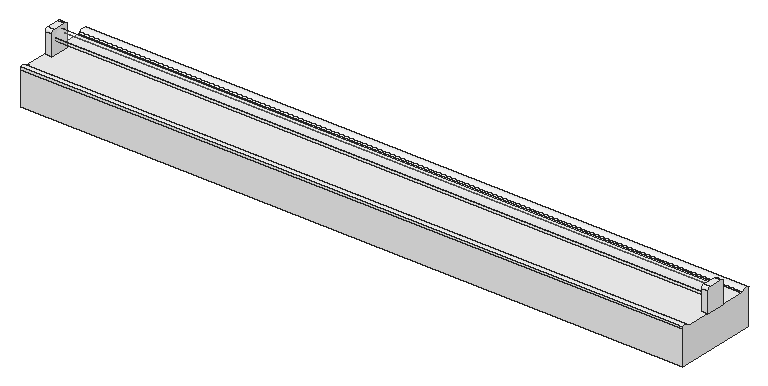
Revit family "CS Bi-Pin 2L", category Lighting Fixtures, host Face, Revit 2014
Parameters (values of type "CS-3'")
  Width = 4.438"
  Wattage = 32 W
  Warranty = "Five year warranty"
  built-in parameter 1150110 = 1 (stored number, unit not read)
  Voltage = 120 V
  Wattage Comments = ""
  URL = "https://www.hubbell.com/columbialighting/en/"
  Two Lamp [instance] = no
  built-in parameter 1114217 = 1 (stored number, unit not read)
  Tilt Angle = -90.00°
  built-in parameter 1150109 = 1 (stored number, unit not read)
  built-in parameter 1150134 = 12
  built-in parameter 1150113 = 1 (stored number, unit not read)
  Product Page URL = "https://www.hubbell.com/columbialighting/en/Products/Lighting-Controls/Commercial-Indoor-Lighting/Strips/CS/p/19906"
  Product Documentation Link = "https://hubbellcdn.com/specsheet/cs_bi_pin_2l.pdf"
  Photometric Web Link = "https://www.hubbell.com/columbialighting/en/Products/Lighting-Controls/Commercial-Indoor-Lighting/Strips/CS/p/19906#prod-resources-section"
  Photometric Web File = "CS4-232-E-CSRA4-PAF.ies"
  Photometric Note = "For more ies file please find the above link"
  One Lamp [instance] = not(Two Lamp)  # yes
  Nominal Watts = 32 W
  No. of Lamps in Cross Section = "One / Two"
  Model = "CS BI-PIN 2L"  # constant formula
  Manufacturer = "Columbia Lighting"  # constant formula
  Row Length = 36.000"
  built-in parameter 1150105 = 285.21 (stored number, unit not read)
  Lumens = 3584 lm
  built-in parameter 1150115 = 1 (stored number, unit not read)
  built-in parameter 1150137 = (empty or 0)
  built-in parameter 1150139 = (empty or 0)
  built-in parameter 1150112 = 1 (stored number, unit not read)
  built-in parameter 1150114 = 1 (stored number, unit not read)
  Lamp = "T8,T5,T5HO"  # constant formula
  built-in parameter 1150132 = (empty or 0)
  built-in parameter 1150102 = (empty or 0)
  built-in parameter 1150107 = 4000 (stored number, unit not read)
  built-in parameter 1150138 = (empty or 0)
  built-in parameter 1150106 = 2.8521 (stored number, unit not read)
  Glass = White Glass
  Features = "Available 2', 3', 4' or 8'\r\n• Heavy die formed steel channel\r\n• Rotary lock lampholders for positive lamp contact\r\n• Channel ends double as joiners\r\n• Individual or row mounting. Surface or suspended\r\n• Ballast covers on 4' and 8' units are secured with 1/4-turn\r\nfasteners"  # constant formula
  Emit from Line Length = 24.000"
  built-in parameter 1150104 = 10.405 (stored number, unit not read)
  Dimming Lamp Color Temperature Shift = <None>
  Description = "CS standard strip is suitable for utility and light industrial or retail applications. Wide variety of hanging options available for mounting flexibility. Optional reflectors, wireguards and continuous row wiring options also available."  # constant formula
  Default Elevation = 48.000"
  Create date = "04/23/2019"  # constant formula
  Copyright = "© 2019 Columbia Lighting, a division of Hubbell Lighting, Inc"  # constant formula
  Contact us = "https://www.hubbell.com/columbialighting/en/contactUs?productId=19906"
  Color Filter = 16777215
  Certification = "All luminaires are built to UL 1598 standards and\r\nbear appropriate UL and CUL or CSA labels. Damp\r\nlocation labeling is standard. Emergency-equipped\r\nfixtures labeled UL 924."  # constant formula
  built-in parameter 1114218 = 1 (stored number, unit not read)
  Ballast = "E Electronic T8, Instant\r\nStart\r\n3E 3-Lamp Electronic\r\nT8, Instant Start\r\n24E (1) 2-Lamp and (1)\r\n4-Lamp Electronic\r\nT8, Instant Start"  # constant formula
  Backbox = White
  built-in parameter 1150133 = 10 (stored number, unit not read)
  Assembly Code = "CS standard strip is suitable for utility and light industrial or retail applications. Wide variety of hanging options available for mounting flexibility. Optional reflectors, wireguards and continuous row wiring options also available."
  Apparent Load = 0 VA
Types (6): name | Row Length
  (no name) | 36.000"
  CS-2' | 24.000"
  CS-3' | 36.000"
  CS-4' | 48.000"
  CS-6' | 72.000"
  CS-8' | 96.000"
Reference planes (in)
  plane 1 "Center (Front/Back)": y = 0.03999
  plane 2: z = 0
  plane 3 "Center (Left/Right)": x = 1.66944
  plane 4: x = -16.33056
  plane 5: x = 19.66944
  plane 6: y = -2.17901
  plane 7: y = 2.25899
  plane 8: z = 1.813
  plane 9: z = 2.688
  plane 10: x = -15.98056
  plane 11: x = 19.31944
Forms (in)
  Extrusion 1, solid, material "White" <- "Backbox"
    sketch origin (1.66944, 0, 0) x (0, 1, 0) y (0, 0, 1)
      loop
        line (2.25899, 0) -> (2.25899, 1.93322)
        arc (2.25899, 1.93322) -> (2.065, 1.94003) -> (1.88505, 1.86729) r 0.46639
        arc (1.88505, 1.86729) -> (1.84655, 1.8376) -> (1.80463, 1.813) r 0.3858
        line (1.80463, 1.813) -> (-1.72465, 1.813)
        arc (-1.72465, 1.813) -> (-1.76657, 1.8376) -> (-1.80506, 1.86729) r 0.3858
        arc (-1.80506, 1.86729) -> (-1.98502, 1.94003) -> (-2.17901, 1.93322) r 0.46639
        line (-2.17901, 1.93322) -> (-2.17901, 1.813) -> (-2.17901, 0) -> (2.25899, 0)
    from -18 to 18
  Extrusion 2, solid, material "White" <- "Backbox", visible <- "One Lamp"
    sketch origin (1.66944, 0, 0.375) x (0, 1, 0) y (0, 0, 1)
      loop
        arc (-0.30335, 2.688) -> (-0.41412, 2.64211) -> (-0.46001, 2.53134) r 0.15666
        line (-0.46001, 2.53134) -> (-0.46001, 1.438) -> (0.5487, 1.438) -> (0.5487, 2.54065)
        arc (0.5487, 2.54065) -> (0.50554, 2.64484) -> (0.40134, 2.688) r 0.14735
        line (0.40134, 2.688) -> (-0.30335, 2.688)
    from 17.65 to 18
  Extrusion 3, solid, material "White" <- "Backbox", visible <- "One Lamp"
    sketch origin (-30.83056, 0, 0.375) x (0, 1, 0) y (0, 0, -1)
      loop
        line (-0.30335, -2.688) -> (0.40134, -2.688)
        arc (0.40134, -2.688) -> (0.50554, -2.64484) -> (0.5487, -2.54065) r 0.14735
        line (0.5487, -2.54065) -> (0.5487, -1.438) -> (-0.46001, -1.438) -> (-0.46001, -2.53134)
        arc (-0.46001, -2.53134) -> (-0.41412, -2.64211) -> (-0.30335, -2.688) r 0.15666
    from -14.85 to -14.5
  Extrusion 4, solid, material "White Glass" <- "Glass", visible <- "One Lamp"
    sketch origin (1.66944, 0, 0.375) x (0, 1, 0) y (0, 0, 1)
      loop
        circle (0.03999, 2.2505) r 0.3125
    from -17.65 to 17.65
  Extrusion 5, solid, material "White" <- "Backbox", visible <- "Two Lamp"
    sketch origin (1.66944, -1.25, 0.375) x (0, 1, 0) y (0, 0, 1)
      loop
        arc (-0.30335, 2.688) -> (-0.41412, 2.64211) -> (-0.46001, 2.53134) r 0.15666
        line (-0.46001, 2.53134) -> (-0.46001, 1.438) -> (0.5487, 1.438) -> (0.5487, 2.54065)
        arc (0.5487, 2.54065) -> (0.50554, 2.64484) -> (0.40134, 2.688) r 0.14735
        line (0.40134, 2.688) -> (-0.30335, 2.688)
    from 17.65 to 18
  Extrusion 6, solid, material "White" <- "Backbox", visible <- "Two Lamp"
    sketch origin (-30.83056, -1.25, 0.375) x (0, 1, 0) y (0, 0, -1)
      loop
        line (-0.30335, -2.688) -> (0.40134, -2.688)
        arc (0.40134, -2.688) -> (0.50554, -2.64484) -> (0.5487, -2.54065) r 0.14735
        line (0.5487, -2.54065) -> (0.5487, -1.438) -> (-0.46001, -1.438) -> (-0.46001, -2.53134)
        arc (-0.46001, -2.53134) -> (-0.41412, -2.64211) -> (-0.30335, -2.688) r 0.15666
    from -14.85 to -14.5
  Extrusion 7, solid, material "White Glass" <- "Glass", visible <- "Two Lamp"
    sketch origin (1.66944, -1.25, 0.375) x (0, 1, 0) y (0, 0, 1)
      loop
        circle (0.03999, 2.2505) r 0.3125
    from -17.65 to 17.65
  Extrusion 8, solid, material "White" <- "Backbox", visible <- "Two Lamp"
    sketch origin (1.66944, 1.32998, 0.375) x (0, -1, 0) y (0, 0, -1)
      loop
        line (-0.30335, -2.688) -> (0.40134, -2.688)
        arc (0.40134, -2.688) -> (0.50554, -2.64484) -> (0.5487, -2.54065) r 0.14735
        line (0.5487, -2.54065) -> (0.5487, -1.438) -> (-0.46001, -1.438) -> (-0.46001, -2.53134)
        arc (-0.46001, -2.53134) -> (-0.41412, -2.64211) -> (-0.30335, -2.688) r 0.15666
    from 17.65 to 18
  Extrusion 9, solid, material "White" <- "Backbox", visible <- "Two Lamp"
    sketch origin (-30.83056, 1.32998, 0.375) x (0, -1, 0) y (0, 0, 1)
      loop
        arc (-0.30335, 2.688) -> (-0.41412, 2.64211) -> (-0.46001, 2.53134) r 0.15666
        line (-0.46001, 2.53134) -> (-0.46001, 1.438) -> (0.5487, 1.438) -> (0.5487, 2.54065)
        arc (0.5487, 2.54065) -> (0.50554, 2.64484) -> (0.40134, 2.688) r 0.14735
        line (0.40134, 2.688) -> (-0.30335, 2.688)
    from -14.85 to -14.5
  Extrusion 10, solid, material "White Glass" <- "Glass", visible <- "Two Lamp"
    sketch origin (1.66944, 1.32998, 0.375) x (0, -1, 0) y (0, 0, -1)
      loop
        circle (0.03999, -2.2505) r 0.3125
    from -17.65 to 17.65
Dimensions and locks (in)
  "Row Length": plane 4 to plane 5
  equal spacing: plane 4, plane 3 "Center (Left/Right)", plane 5
  equal spacing: plane 6, plane 1 "Center (Front/Back)", plane 7
  "Width": plane 6 to plane 7
  locked: plane 4 to plane 10 at 0.35
  locked: plane 11 to plane 5 at 0.35
  aligned and locked: plane 2 to host face
  aligned and locked: level to host face
  aligned and locked: imposter light to plane 1 "Center (Front/Back)"
  aligned and locked: plane 3 "Center (Left/Right)" to imposter light
  aligned and locked: Extrusion 1 to plane 4
  aligned and locked: plane 5 to Extrusion 1
  aligned and locked: plane 5 to Extrusion 2
  aligned and locked: Extrusion 2 to plane 11
  aligned and locked: plane 1 "Center (Front/Back)" to Extrusion 4 sketch curve
  aligned and locked: plane 11 to Extrusion 4
  aligned and locked: Extrusion 4 to plane 10
  aligned and locked: plane 5 to Extrusion 8
  aligned and locked: Extrusion 8 to plane 11
  aligned and locked: plane 11 to Extrusion 10
  aligned and locked: plane 5 to Extrusion 5
  aligned and locked: Extrusion 5 to plane 11
  aligned and locked: plane 11 to Extrusion 7
  aligned and locked: Extrusion 3 to plane 4
  aligned and locked: plane 10 to Extrusion 3
  aligned and locked: Extrusion 9 to plane 4
  aligned and locked: plane 10 to Extrusion 9
  aligned and locked: Extrusion 6 to plane 4
  aligned and locked: plane 10 to Extrusion 6
  aligned and locked: Extrusion 7 to plane 10
  aligned and locked: Extrusion 10 to plane 10
  aligned and locked: plane 9 to imposter light
Automatic sketch dimensions
  host sketch curve to host sketch curve = 96.000"  (x2)
  plane 8 to Extrusion 2 sketch curve = 0.000"
  plane 9 to Extrusion 2 sketch curve = 0.375"
  plane 1 "Center (Front/Back)" to Extrusion 2 sketch curve = 0.500"
  Extrusion 2 sketch curve to Extrusion 2 sketch curve = 0.15666"
  plane 9 to Extrusion 2 sketch curve = 0.22765"
  Extrusion 2 sketch curve to plane 1 "Center (Front/Back)" = 0.36135"
  plane 8 to Extrusion 3 sketch curve = 0.000"
  plane 9 to Extrusion 3 sketch curve = 0.375"
  plane 1 "Center (Front/Back)" to Extrusion 3 sketch curve = 0.500"
  Extrusion 3 sketch curve to Extrusion 3 sketch curve = 0.15666"
  plane 9 to Extrusion 3 sketch curve = 0.22765"
  Extrusion 3 sketch curve to plane 1 "Center (Front/Back)" = 0.36135"
  plane 8 to Extrusion 4 sketch curve = 0.8125"
  plane 8 to Extrusion 5 sketch curve = 0.000"
  plane 9 to Extrusion 5 sketch curve = 0.375"
  Extrusion 5 sketch curve to plane 6 = 0.469"
  Extrusion 5 sketch curve to Extrusion 5 sketch curve = 0.15666"
  plane 9 to Extrusion 5 sketch curve = 0.22765"
  Extrusion 5 sketch curve to Extrusion 5 sketch curve = 0.70469"
  plane 8 to Extrusion 6 sketch curve = 0.000"
  plane 9 to Extrusion 6 sketch curve = 0.375"
  Extrusion 6 sketch curve to plane 6 = 0.469"
  Extrusion 6 sketch curve to Extrusion 6 sketch curve = 0.15666"
  plane 9 to Extrusion 6 sketch curve = 0.22765"
  Extrusion 6 sketch curve to Extrusion 6 sketch curve = 0.70469"
  plane 8 to Extrusion 7 sketch curve = 0.8125"
  Extrusion 7 sketch curve to plane 6 = 0.969"
  Extrusion 8 sketch curve to plane 8 = 0.000"
  Extrusion 8 sketch curve to plane 9 = 0.375"
  Extrusion 8 sketch curve to plane 7 = 0.469"
  Extrusion 8 sketch curve to Extrusion 8 sketch curve = 0.15666"
  Extrusion 8 sketch curve to plane 9 = 0.22765"
  Extrusion 8 sketch curve to Extrusion 8 sketch curve = 0.70469"
  plane 8 to Extrusion 9 sketch curve = 0.000"
  plane 9 to Extrusion 9 sketch curve = 0.375"
  plane 7 to Extrusion 9 sketch curve = 0.469"
  Extrusion 9 sketch curve to Extrusion 9 sketch curve = 0.15666"
  plane 9 to Extrusion 9 sketch curve = 0.22765"
  Extrusion 9 sketch curve to Extrusion 9 sketch curve = 0.70469"
  Extrusion 10 sketch curve to plane 8 = 0.8125"
  Extrusion 10 sketch curve to plane 7 = 0.969"
  Extrusion 1 sketch curve to plane 6 = 0.000"
  Extrusion 1 sketch curve to level = 0.000"
  Extrusion 1 sketch curve to plane 6 = 0.113"
  Extrusion 1 sketch curve to plane 6 = 0.6283"
  plane 7 to Extrusion 1 sketch curve = 0.113"
  Extrusion 1 sketch curve to plane 8 = 0.33227"  (x2)
  plane 8 to Extrusion 1 sketch curve = 0.12022"
  plane 8 to Extrusion 1 sketch curve = 0.34437"  (x2)
  plane 8 to Extrusion 1 sketch curve = 0.05429"  (x2)
  Extrusion 1 sketch curve to Extrusion 1 sketch curve = 0.17394"
  Extrusion 1 sketch curve to Extrusion 1 sketch curve = 0.12022"
  Extrusion 1 sketch curve to plane 8 = 0.000"  (x2)
  Extrusion 1 sketch curve to plane 7 = 0.000"
  radius of Extrusion 4 sketch curve = 0.3125"
  radius of Extrusion 7 sketch curve = 0.3125"
  radius of Extrusion 10 sketch curve = 0.3125"
Connectors (in)
  electrical at (1.66944, 0.03999, 0), driven by "Voltage", driven by "Apparent Load"
    settings: on Extrusion 1, index 1, voltage 120 V, apparent load 0 VA, apparent load phase1 0 VA, apparent load phase2 0 VA, apparent load phase3 0 VA, power factor 1, load classification "Other", number of poles 1, system type 30, power factor state 1, is connector primary yes, connector utility no, sub classification motor no, connector description "Lighting Connector"
